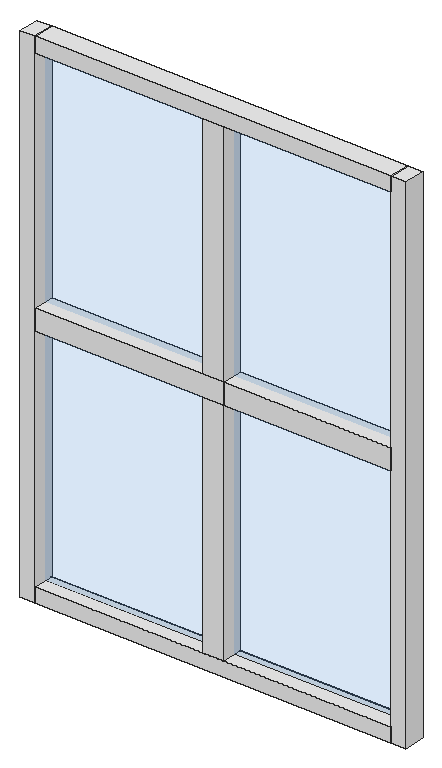
Revit family "Window_Curtain_Wall-Fixed-Kawneer-AA4325", category Windows, Revit 2015
Parameters (values of type "AA4325 - Fixed")
  Window Width [instance] = if(CTRL Opening Width - Window Right Inset - Window Left Inset < Width Minimum, Width Minimum, if(CTRL Opening Width - Window Right Inset - Window Left Inset > Width Maximum, Width Maximum, CTRL Opening Width - Window Right Inset - Window Left Inset))  # 5' - 0"
  Window Top Inset [instance] = 0' - 0"  # constant formula
  Window Right Inset [instance] = 0' - 0"  # constant formula
  Window Left Inset [instance] = 0' - 0"  # constant formula
  Window Height [instance] = if(CTRL Opening Height - Window Top Inset - Window Bottom Inset < Height Minimum, Height Minimum, if(CTRL Opening Height - Window Top Inset - Window Bottom Inset > Height Maximum, Height Maximum, CTRL Opening Height - Window Top Inset - Window Bottom Inset))  # 6' - 7"
  Window Bottom Inset [instance] = 0' - 0"  # constant formula
  Width Minimum = 1' - 5"
  Width Maximum = 5' - 0"
  Vertical Mullion Inset [instance] = 1' - 0"
  URL = "http://www.kawneer.com/kawneer/north_america/en/info_page/home.asp"
  Type Comments = "Fixed, Standard"
  Sill Width = 0' - 2 1/4"  # constant formula
  Product data url = "https://bimobject.com/kawneerna/product/43250"
  Model = "AA 4325"  # constant formula
  Manufacturer = "Kawneer"  # constant formula
  Keynote = ""
  Jamb Width = 0' - 2 1/4"  # constant formula
  Rail Width = 0' - 3 1/4"  # constant formula
  Horizontal Mullion Inset [instance] = 1' - 0"
  Height Minimum = 1' - 5"
  Height Maximum = 8' - 3"
  Head Width = 0' - 2 1/4"  # constant formula
  Has Vertical Mullion [instance] = yes
  Has Triple Glazing [instance] = not(Has Dual Glazing)  # no
  Has Horizontal Mullion [instance] = yes
  Has Full Vetrical Glazing [instance] = if(Has Horizontal Mullion, 1 = 0, 1 = 1)  # no
  Has Full Horizontal Glazing [instance] = if(Has Vertical Mullion, 1 = 0, 1 = 1)  # no
  Has Equal Vertical Panels [instance] = yes
  Has Equal Horizontal Panels [instance] = yes
  Has Dual Glazing [instance] = yes
  Glazing Thickness [instance] = if(Has Triple Glazing, 0' 2", 0' 1")  # 0' - 1"
  Glazing Material = Glass - Kawneer - Clear
  Glazing Inset = 0' - 0 1/4"  # constant formula
  Frame Material = Metal - Kawneer - Aluminum
  Description = "Fixed Window"  # constant formula
  Depth = 0' - 3 1/4"  # constant formula
  Copyright © = ""
  Construction Type = ""
  CTRL Vertical Mullion Inset [instance] = if(Has Equal Vertical Panels, Window Width / 2, Vertical Mullion Inset)  # 2' - 6"
  CTRL Opening Width [instance] = 6' - 10.03655"
  CTRL Opening Height [instance] = 6' - 7"
  CTRL Horizontal Mullion Inset [instance] = if(Has Equal Horizontal Panels, Window Height / 2, Horizontal Mullion Inset)  # 3' - 3 1/2"
  Assembly Code = "B2020110"
Reference planes (in)
  plane 1 "Front": y = 0
  plane 2 "Original Ref. Plane": z = 0
  plane 3 "Center (Left/Right)": x = -11.01827
  plane 4 "Left": x = -41.01827
  plane 5 "Right": x = 41.01827
  plane 6 "Top": z = 79
  plane 7 "Window Interior Offset": y = 0
  plane 8 "Window Center F/B": y = 0
  plane 9 "Exterior/Back": y = 1.625
  plane 10 "Interior/Front": y = -1.625
  plane 11 "Window Left": x = -41.01827
  plane 12 "Window Right": x = 18.98173
  plane 13 "Head Bottom": z = 76.75
  plane 14 "Frame Left": x = -38.76827
  plane 15 "Frame Right": x = 16.73173
  plane 16 "Sill Top": z = 2.25
  plane 17 "Window Bottom": z = 0
  plane 18 "Mid Panel Center L/R": y = 0
  plane 19 "Left Panel Center L/R": y = 0
  plane 20 "Fixed Panel Bottom": z = 39.5
  plane 21 "Glazing Inset": y = 1.375
  plane 22: y = -1.375
  plane 23 "Window Top": z = 79
  plane 24 "Mullion Top": z = 41.125
  plane 25 "Mullion Bottom": z = 37.875
  plane 26: x = -9.39327
  plane 27: x = -12.64327
  plane 28: z = 39.5
  plane 29: z = 39.5
  plane 30 "Glazing Interior": y = 0.375
  plane 31 "Glazing Center": y = 0.875
Forms (in)
  Sweep 1, solid, material "Metal - Kawneer - Aluminum" <- "Frame Material"
    path origin (-167.07026, 0, 40.44358) x (-1, 0, 0) y (0, 0, 1)
      loop
        line (-156.05199, -40.44358) -> (-156.05199, 38.55642)
    profile origin (-11.01827, 0, 39.5) x (1, 0, 0) y (0, 1, 0)
      loop
        line (-27.75, -1.625) -> (-27.75, 1.625) -> (-30, 1.625) -> (-30, -1.625) -> (-27.75, -1.625)
      loop
        line (27.75, -1.625) -> (30, -1.625) -> (30, 1.625) -> (27.75, 1.625) -> (27.75, -1.625)
  Sweep 2, solid, material "Metal - Kawneer - Aluminum" <- "Frame Material"
    path origin (-167.07026, 0, 40.31858) x (-1, 0, 0) y (0, 0, 1)
      loop
        line (-183.80199, -40.07858) -> (-128.30199, -40.07858)
    profile origin (-11.01827, 0, 0.24) x (0, 0, 1) y (0, 1, 0)
      loop
        line (2.01, -1.625) -> (2.01, 1.625) -> (-0.24, 1.625) -> (-0.24, -1.625) -> (2.01, -1.625)
  Sweep 3, solid, material "Metal - Kawneer - Aluminum" <- "Frame Material"
    path origin (-168.26142, 0, 112.26409) x (-1, 0, 0) y (0, 0, 1)
      loop
        line (-184.99314, -35.51409) -> (-129.49314, -35.51409)
    profile origin (-11.01827, 0, 76.75) x (0, 0, 1) y (0, 1, 0)
      loop
        line (0, 1.625) -> (0, -1.625) -> (2.25, -1.625) -> (2.25, 1.625) -> (0, 1.625)
  Sweep 4, solid, material "Metal - Kawneer - Aluminum" <- "Frame Material", visible <- "Has Horizontal Mullion"
    path origin (0, 0, 0) x (-1, 0, 0) y (0, 0, 1)
      loop
        line (38.76827, 38.43293) -> (-16.73173, 38.43293)
    profile origin (-11.01827, 0, 38.43293) x (0, 0, -1) y (0, 1, 0)
      loop
        line (0.55793, -1.625) -> (0.55793, 1.625) -> (-2.69207, 1.625) -> (-2.69207, -1.625) -> (0.55793, -1.625)
  Sweep 5, solid, material "Metal - Kawneer - Aluminum" <- "Frame Material", visible <- "Has Vertical Mullion"
    path origin (0, 0, 0) x (-1, 0, 0) y (0, 0, 1)
      loop
        line (9.39327, 2.25) -> (12.64327, 2.25)
    profile origin (-11.01827, 0, 2.25) x (0, 0, 1) y (0, 1, 0)
      loop
        line (0, 1.625) -> (0, -1.625) -> (74.5, -1.625) -> (74.5, 1.625) -> (0, 1.625)
  Extrusion 6, solid, material "Glass - Kawneer - Clear" <- "Glazing Material"
    sketch origin (0, 0, 17.29297) x (1, 0, 0) y (0, 1, 0)
      loop
        line (-38.76827, 1.375) -> (-38.76827, 0.375) -> (16.73173, 0.375) -> (16.73173, 1.375) -> (-38.76827, 1.375)
    from -15.04297 to 59.45703
Lines and regions (in)
  Masking region 1
    outline origin (0, 0, 71.31858) x (1, 0, 0) y (0, 1, 0)
      loop
        line (18.98173, -1.625) -> (18.98173, 1.625) -> (-41.01827, 1.625) -> (-41.01827, -1.625) -> (18.98173, -1.625)
  Masking region 2
    outline origin (0, 0, 0) x (-1, 0, 0) y (0, 0, 1)
      loop
        line (-16.73173, 76.75) -> (-16.73173, 2.25) -> (38.76827, 2.25) -> (38.76827, 76.75) -> (-16.73173, 76.75)
      loop
        line (-18.98173, 79) -> (-18.98173, 0) -> (41.01827, 0) -> (41.01827, 79) -> (-18.98173, 79)
  Masking region 3, visible <- "Has Horizontal Mullion"
    outline origin (0, 0, 0) x (-1, 0, 0) y (0, 0, 1)
      loop
        line (-16.73173, 41.125) -> (-16.73173, 37.875) -> (38.76827, 37.875) -> (38.76827, 41.125) -> (-16.73173, 41.125)
  Masking region 4, visible <- "Has Vertical Mullion"
    outline origin (0, 0, 0) x (-1, 0, 0) y (0, 0, 1)
      loop
        line (9.39327, 76.75) -> (9.39327, 2.25) -> (12.64327, 2.25) -> (12.64327, 76.75) -> (9.39327, 76.75)
  Masking region 5
    outline origin (0, 0, 17.29297) x (1, 0, 0) y (0, 1, 0)
      loop
        line (-41.01827, 1.625) -> (-41.01827, -1.625) -> (18.98173, -1.625) -> (18.98173, 1.625) -> (-41.01827, 1.625)
  Masking region 6
    outline origin (-41.01827, 0, 0) x (0, -1, 0) y (0, 0, 1)
      loop
        line (-1.625, 79) -> (-1.625, 0) -> (1.625, 0) -> (1.625, 79) -> (-1.625, 79)
  Masking region 7
    outline origin (0, 0, 0) x (-1, 0, 0) y (0, 0, 1)
      loop
        line (-16.73173, 76.75) -> (-16.73173, 2.25) -> (38.76827, 2.25) -> (38.76827, 76.75) -> (-16.73173, 76.75)
  symbolic lines, style "WindowsFrameMullionProjection"
    curve 1: line (-38.76827, 1.625, 17.29297) -> (-38.76827, -1.625, 17.29297)
    curve 2: line (-12.64327, 1.625, 17.29297) -> (-12.64327, -1.625, 17.29297)
    curve 3: line (-9.39327, 1.625, 17.29297) -> (-9.39327, -1.625, 17.29297)
    curve 4: line (16.73173, 1.625, 17.29297) -> (16.73173, -1.625, 17.29297)
    curve 9: line (41.01827, -1.625, 2.25) -> (41.01827, 1.625, 2.25)
    curve 12: line (41.01827, -1.625, 76.75) -> (41.01827, 1.625, 76.75)
  symbolic lines, style "WindowsGlassProjection", visible <- "Has Vertical Mullion", detail levels medium+fine
    curve 5: line (-38.76827, 0.375, 17.29297) -> (-12.64327, 0.375, 17.29297)
    curve 6: line (-12.64327, 1.375, 17.29297) -> (-38.76827, 1.375, 17.29297)
    curve 7: line (-9.39327, 1.375, 17.29297) -> (16.73173, 1.375, 17.29297)
    curve 8: line (16.73173, 0.375, 17.29297) -> (-9.39327, 0.375, 17.29297)
  symbolic lines, style "WindowsFrameMullionProjection", visible <- "Has Horizontal Mullion"
    curve 10: line (41.01827, -1.625, 37.875) -> (41.01827, 1.625, 37.875)
    curve 11: line (41.01827, 1.625, 41.125) -> (41.01827, -1.625, 41.125)
  symbolic lines, style "WindowsGlassProjection", visible <- "Has Horizontal Mullion", detail levels medium+fine
    curve 13: line (41.01827, 0.375, 76.75) -> (41.01827, 0.375, 41.125)
    curve 14: line (41.01827, 0.375, 37.875) -> (41.01827, 0.375, 2.25)
    curve 15: line (41.01827, 1.375, 2.25) -> (41.01827, 1.375, 37.875)
    curve 16: line (41.01827, 1.375, 41.125) -> (41.01827, 1.375, 76.75)
  symbolic lines, style "WindowsGlassProjection", detail levels medium+fine
    curve 17: line (-41.01827, 1.375, 76.75) -> (-41.01827, 1.375, 41.125)
    curve 18: line (-41.01827, 1.375, 37.875) -> (-41.01827, 1.375, 2.25)
    curve 19: line (-41.01827, 0.375, 76.75) -> (-41.01827, 0.375, 41.125)
    curve 20: line (-41.01827, 0.375, 37.875) -> (-41.01827, 0.375, 2.25)
  symbolic lines, style "WindowsGlassProjection", visible <- "Has Horizontal Mullion", detail levels coarse
    curve 21: line (-41.01827, 0.875, 76.75) -> (-41.01827, 0.875, 41.125)
    curve 22: line (-41.01827, 0.875, 37.875) -> (-41.01827, 0.875, 2.25)
  symbolic lines, style "WindowsGlassProjection", visible <- "Has Vertical Mullion", detail levels coarse
    curve 23: line (-38.76827, 0.875, 17.29297) -> (-12.64327, 0.875, 17.29297)
    curve 24: line (-9.39327, 0.875, 17.29297) -> (16.73173, 0.875, 17.29297)
  symbolic lines, style "WindowsGlassProjection", visible <- "Has Full Vetrical Glazing", detail levels medium+fine
    curve 25: line (41.01827, 0.375, 76.75) -> (41.01827, 0.375, 2.25)
    curve 26: line (41.01827, 1.375, 2.25) -> (41.01827, 1.375, 76.75)
  symbolic lines, style "WindowsGlassProjection", visible <- "Has Full Vetrical Glazing", detail levels coarse
    curve 27: line (41.01827, 0.875, 76.75) -> (41.01827, 0.875, 2.25)
  symbolic lines, style "WindowsGlassProjection", visible <- "Has Full Horizontal Glazing", detail levels medium+fine
    curve 28: line (-38.76827, 0.375, 17.29297) -> (16.73173, 0.375, 17.29297)
    curve 30: line (-38.76827, 1.375, 17.29297) -> (16.73173, 1.375, 17.29297)
  symbolic lines, style "WindowsGlassProjection", visible <- "Has Full Horizontal Glazing", detail levels coarse
    curve 29: line (16.73173, 0.875, 17.29297) -> (-38.76827, 0.875, 17.29297)
Text (in)
  text "Exterior" at (-89.86254, 22.28177, 0), in view "Ref. Level"
  text "Exterior" at (480, 41.53993, 89.60405), in view "Right"
  text "Exterior" at (-240, 57.82419, 105.78864), in view "Left"
Dimensions and locks (in)
  equal spacing: plane 9 "Exterior/Back", plane 8 "Window Center F/B", plane 10 "Interior/Front"
  "Depth": plane 9 "Exterior/Back" to plane 10 "Interior/Front"
  "Jamb Width": plane 15 "Frame Right" to plane 12 "Window Right"
  "Jamb Width": plane 11 "Window Left" to plane 14 "Frame Left"
  "Sill Width": plane 17 "Window Bottom" to plane 16 "Sill Top"
  "CTRL Opening Height": plane 2 "Original Ref. Plane" to plane 6 "Top"
  "CTRL Opening Width": plane 4 "Left" to plane 5 "Right"
  "Window Left Inset": plane 4 "Left" to plane 11 "Window Left"
  "Window Width": plane 11 "Window Left" to plane 12 "Window Right"
  "Window Bottom Inset": plane 2 "Original Ref. Plane" to plane 17 "Window Bottom"
  "Glazing Inset": plane 9 "Exterior/Back" to plane 21 "Glazing Inset"
  plane 22 to plane 10 "Interior/Front" = 0' - 0 1/4"
  "Window Height": plane 17 "Window Bottom" to plane 23 "Window Top"
  equal spacing: plane 25 "Mullion Bottom", plane 20 "Fixed Panel Bottom", plane 24 "Mullion Top"
  "Rail Width": plane 25 "Mullion Bottom" to plane 24 "Mullion Top"
  "Head Width": plane 13 "Head Bottom" to plane 23 "Window Top"
  locked: plane 28 to plane 20 "Fixed Panel Bottom"
  locked: plane 20 "Fixed Panel Bottom" to plane 29
  equal spacing: plane 27, plane 3 "Center (Left/Right)", plane 26
  "Rail Width": plane 27 to plane 26
  "Glazing Thickness": plane 21 "Glazing Inset" to plane 30 "Glazing Interior"
  equal spacing: plane 21 "Glazing Inset", plane 31 "Glazing Center", plane 30 "Glazing Interior"
  "CTRL Vertical Mullion Inset": plane 11 "Window Left" to plane 3 "Center (Left/Right)"
  "CTRL Horizontal Mullion Inset": plane 17 "Window Bottom" to plane 29
  aligned and locked: level to plane 2 "Original Ref. Plane"
  aligned and locked: Sweep 1 sketch curve to plane 3 "Center (Left/Right)"
  aligned and locked: plane 11 "Window Left" to Sweep 1 sketch curve
  aligned and locked: Sweep 1 sketch curve to plane 14 "Frame Left"
  aligned and locked: Sweep 1 sketch curve to plane 10 "Interior/Front"
  aligned and locked: plane 12 "Window Right" to Sweep 1 sketch curve
  aligned and locked: Sweep 1 sketch curve to plane 15 "Frame Right"
  aligned and locked: plane 10 "Interior/Front" to Sweep 1 sketch curve
  aligned and locked: plane 16 "Sill Top" to Sweep 2 sketch curve
  aligned and locked: Sweep 3 sketch curve to plane 13 "Head Bottom"
  aligned and locked: plane 10 "Interior/Front" to Sweep 3 sketch curve
  aligned and locked: plane 13 "Head Bottom" to Sweep 3 sketch curve
  aligned and locked: Masking region 1 sketch curve to plane 11 "Window Left"
  aligned and locked: plane 10 "Interior/Front" to Masking region 1 sketch curve
  aligned and locked: Masking region 1 sketch curve to plane 9 "Exterior/Back"
  aligned and locked: plane 12 "Window Right" to Masking region 1 sketch curve
  aligned: plane 17 "Window Bottom" to Sweep 1
  aligned and locked: plane 17 "Window Bottom" to Sweep 2 sketch curve
  aligned and locked: plane 15 "Frame Right" to Sweep 2 sketch curve
  aligned and locked: plane 14 "Frame Left" to Sweep 2 sketch curve
  aligned and locked: plane 14 "Frame Left" to Sweep 3 sketch curve
  aligned and locked: plane 15 "Frame Right" to Sweep 3 sketch curve
  aligned and locked: plane 17 "Window Bottom" to Sweep 1 sketch curve
  aligned and locked: plane 10 "Interior/Front" to Sweep 2 sketch curve
  aligned and locked: plane 10 "Interior/Front" to Sweep 4 sketch curve
  aligned and locked: Sweep 4 sketch curve to plane 9 "Exterior/Back"
  aligned and locked: plane 15 "Frame Right" to Sweep 4 sketch curve
  aligned and locked: plane 14 "Frame Left" to Sweep 4 sketch curve
  aligned and locked: plane 23 "Window Top" to Sweep 1 sketch curve
  aligned and locked: Sweep 4 sketch curve to plane 24 "Mullion Top"
  aligned and locked: Sweep 4 sketch curve to plane 25 "Mullion Bottom"
  aligned and locked: Masking region 2 sketch curve to Sweep 3
  aligned and locked: Sweep 2 to Masking region 2 sketch curve
  aligned and locked: Masking region 3 sketch curve to Sweep 4  (x4)
  aligned and locked: plane 23 "Window Top" to Sweep 3 sketch curve
  aligned and locked: Masking region 2 sketch curve to plane 23 "Window Top"
  aligned and locked: plane 12 "Window Right" to Masking region 2 sketch curve
  aligned and locked: Masking region 2 sketch curve to plane 11 "Window Left"
  aligned and locked: plane 17 "Window Bottom" to Masking region 2 sketch curve
  aligned and locked: plane 26 to Sweep 5 sketch curve
  aligned and locked: plane 27 to Sweep 5 sketch curve
  aligned and locked: plane 13 "Head Bottom" to Sweep 5 sketch curve
  aligned and locked: Sweep 5 sketch curve to plane 10 "Interior/Front"
  aligned and locked: plane 9 "Exterior/Back" to Sweep 5 sketch curve
  aligned and locked: Sweep 5 sketch curve to plane 16 "Sill Top"
  aligned and locked: Masking region 4 sketch curve to Sweep 5  (x4)
  aligned and locked: Masking region 5 sketch curve to Masking region 1  (x4)
  aligned and locked: Masking region 6 sketch curve to Sweep 1  (x2)
  aligned and locked: Sweep 1 sketch curve to plane 9 "Exterior/Back"
  aligned and locked: plane 9 "Exterior/Back" to Sweep 1 sketch curve
  aligned and locked: plane 9 "Exterior/Back" to Sweep 3 sketch curve
  aligned and locked: plane 9 "Exterior/Back" to Sweep 2 sketch curve
  aligned and locked: Masking region 2 sketch curve to plane 14 "Frame Left"
  aligned and locked: plane 15 "Frame Right" to Masking region 7 sketch curve
  aligned and locked: plane 16 "Sill Top" to Masking region 7 sketch curve
  aligned and locked: plane 15 "Frame Right" to curve 4
  aligned and locked: plane 26 to curve 3
  aligned and locked: plane 27 to curve 2
  aligned and locked: Sweep 1 to plane 14 "Frame Left"
  aligned and locked: plane 9 "Exterior/Back" to curve 3
  aligned and locked: Sweep 3 to plane 13 "Head Bottom"
  aligned and locked: plane 24 "Mullion Top" to Sweep 4
  aligned and locked: plane 25 "Mullion Bottom" to Sweep 4
  aligned and locked: plane 16 "Sill Top" to Sweep 2
  aligned and locked: curve 16 to plane 21 "Glazing Inset"
  aligned and locked: curve 15 to plane 21 "Glazing Inset"
  aligned and locked: plane 9 "Exterior/Back" to curve 1
  aligned and locked: plane 21 "Glazing Inset" to curve 7
  aligned and locked: plane 9 "Exterior/Back" to curve 4
  aligned and locked: plane 9 "Exterior/Back" to curve 12
  aligned and locked: plane 9 "Exterior/Back" to curve 11
  aligned and locked: plane 9 "Exterior/Back" to curve 10
  aligned and locked: plane 9 "Exterior/Back" to curve 9
  aligned and locked: curve 17 to plane 21 "Glazing Inset"
  aligned and locked: curve 18 to plane 21 "Glazing Inset"
  aligned and locked: curve 21 to plane 31 "Glazing Center"
  aligned and locked: curve 22 to plane 31 "Glazing Center"
  aligned and locked: plane 26 to curve 24
  aligned and locked: plane 31 "Glazing Center" to curve 23
  aligned and locked: plane 31 "Glazing Center" to curve 24
  aligned and locked: Masking region 7 sketch curve to plane 13 "Head Bottom"
  aligned and locked: Masking region 7 sketch curve to plane 14 "Frame Left"
  aligned and locked: plane 15 "Frame Right" to Extrusion 6 sketch curve
  aligned and locked: Extrusion 6 sketch curve to plane 14 "Frame Left"
  aligned and locked: plane 21 "Glazing Inset" to Extrusion 6 sketch curve
  aligned and locked: Extrusion 6 sketch curve to plane 30 "Glazing Interior"
  aligned and locked: plane 13 "Head Bottom" to Extrusion 6
  aligned and locked: Extrusion 6 to plane 16 "Sill Top"
  aligned and locked: curve 25 to plane 30 "Glazing Interior"
  aligned and locked: curve 27 to plane 31 "Glazing Center"
  aligned and locked: plane 21 "Glazing Inset" to curve 26
Automatic sketch dimensions
  plane 17 "Window Bottom" to Sweep 2 sketch curve = 0' - 0.24"
  Sweep 4 sketch curve to plane 20 "Fixed Panel Bottom" = 0' - 1.06707"
  Sweep 5 sketch curve to plane 16 "Sill Top" = 0' - 0"
  Masking region 6 sketch curve to plane 9 "Exterior/Back" = 0' - 0"
  Masking region 6 sketch curve to plane 23 "Window Top" = 0' - 0"
  curve 21 to plane 24 "Mullion Top" = 0' - 0"
  plane 25 "Mullion Bottom" to curve 22 = 0' - 0"
  curve 22 to plane 16 "Sill Top" = 0' - 0"
  curve 21 to plane 13 "Head Bottom" = 0' - 0"
  curve 20 to plane 16 "Sill Top" = 0' - 0"
  curve 18 to plane 16 "Sill Top" = 0' - 0"
  plane 25 "Mullion Bottom" to curve 18 = 0' - 0"
  plane 25 "Mullion Bottom" to curve 20 = 0' - 0"
  curve 17 to plane 24 "Mullion Top" = 0' - 0"
  curve 19 to plane 24 "Mullion Top" = 0' - 0"
  curve 17 to plane 13 "Head Bottom" = 0' - 0"
  curve 19 to plane 13 "Head Bottom" = 0' - 0"
  curve 19 to plane 30 "Glazing Interior" = 0' - 0"
  curve 20 to plane 30 "Glazing Interior" = 0' - 0"
  plane 15 "Frame Right" to Masking region 2 sketch curve = 0' - 0"
  curve 26 to plane 13 "Head Bottom" = 0' - 0"
  plane 25 "Mullion Bottom" to curve 14 = 0' - 0"
  curve 14 to plane 30 "Glazing Interior" = 0' - 0"
  curve 13 to plane 24 "Mullion Top" = 0' - 0"
  curve 13 to plane 30 "Glazing Interior" = 0' - 0"
  curve 11 to plane 10 "Interior/Front" = 0' - 0"
  curve 10 to plane 10 "Interior/Front" = 0' - 0"
  curve 9 to plane 10 "Interior/Front" = 0' - 0"
  curve 12 to plane 10 "Interior/Front" = 0' - 0"
  curve 9 to plane 16 "Sill Top" = 0' - 0"
  curve 1 to plane 14 "Frame Left" = 0' - 0"
  curve 1 to plane 10 "Interior/Front" = 0' - 0"
  curve 3 to plane 10 "Interior/Front" = 0' - 0"
  curve 2 to plane 10 "Interior/Front" = 0' - 0"
  curve 4 to plane 10 "Interior/Front" = 0' - 0"
  plane 30 "Glazing Interior" to curve 8 = 0' - 0"
  plane 30 "Glazing Interior" to curve 28 = 0' - 0"
  plane 30 "Glazing Interior" to curve 5 = 0' - 0"
  plane 31 "Glazing Center" to curve 29 = 0' - 0"
  plane 21 "Glazing Inset" to curve 6 = 0' - 0"
  plane 21 "Glazing Inset" to curve 30 = 0' - 0"
  curve 2 to plane 9 "Exterior/Back" = 0' - 0"
